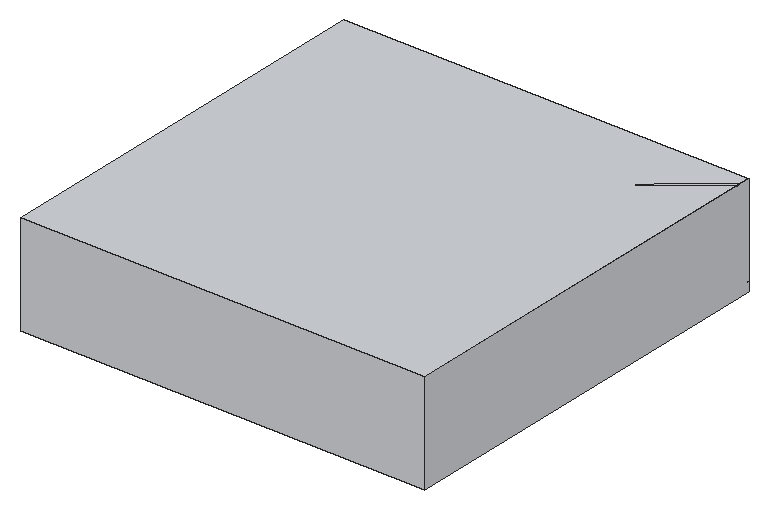
Revit family "電線管用ファミリ(片側のみ)_15", category Electrical Fixtures, Revit 2021
Family settings
  Maintain Annotation Orientation = Yes
  Round Connector Dimension = Use Diameter
  Part Type = Normal
  OmniClass Number = 23.80.00.00
  OmniClass Title = Electric Power and Lighting
  Work Plane-Based = No
  Always vertical = Yes
  Cut with Voids When Loaded = No
  Shared = No
  Room Calculation Point = No
Parameters
  コネクタ直径 [instance] = 16 mm
  W [instance] = 200 mm
  Default Elevation = 0 mm
  D [instance] = 200 mm
Reference planes
  plane 1 "Center (Front/Back)": y = 0
  plane 2: z = 0
  plane 3 "Center (Left/Right)": x = 0
  plane 4: x = -100
  plane 5: x = 100
  plane 6: y = 100
  plane 7: y = -100
  plane 8: z = 50
Forms (mm)
  Extrusion 1, solid
    sketch origin (0, 0, 0) x (1, 0, 0) y (0, 1, 0)
      loop
        line (-100, 100) -> (-100, -100) -> (100, -100) -> (100, 100) -> (-100, 100)
    from 0 to 50
  Extrusion 2, solid
    sketch origin (0, 0, 0) x (1, 0, 0) y (0, 1, 0)
      loop
        line (100, 100) -> (-100, -100) -> (100, -100) -> (100, 100)
    from 0 to 50
Dimensions and locks
  equal spacing: plane 4, plane 3 "Center (Left/Right)", plane 5
  "W": plane 4 to plane 5
  equal spacing: plane 6, plane 1 "Center (Front/Back)", plane 7
  "D": plane 6 to plane 7
  aligned and locked: level to plane 2
  aligned and locked: Extrusion 1 sketch curve to plane 6
  aligned and locked: plane 4 to Extrusion 1 sketch curve
  aligned and locked: plane 7 to Extrusion 1 sketch curve
  aligned and locked: Extrusion 1 sketch curve to plane 5
  aligned and locked: plane 8 to Extrusion 1
  aligned and locked: plane 8 to Extrusion 2
Automatic sketch dimensions
  Extrusion 2 sketch curve to plane 4 = 0 mm
  Extrusion 2 sketch curve to plane 5 = 0 mm
  Extrusion 2 sketch curve to plane 7 = 0 mm
  Extrusion 2 sketch curve to plane 6 = 0 mm
Connectors
  cabletrayconduit at (0, 0, 50), diameter 16
    settings: on Extrusion 1, index 1, connector width 300 mm, connector height 300 mm, connector angle 0.00°, system type 32, placement type 0, profile type 0, connector reference index -1, is primary connector yes, connector utility param no, connector description ""
